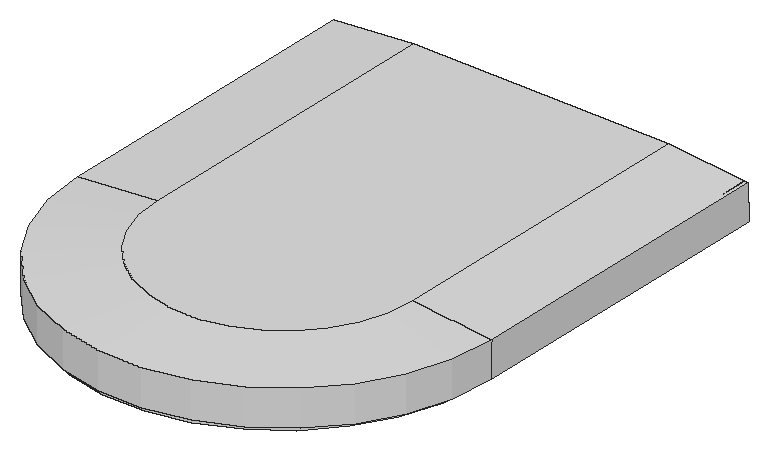
Revit family "Sanitary_Toilets_hansgrohe_22468CHN-MitaPura-Original-S-WC-Seat-Cover_SoftClose_QuickRelease", category Plumbing Fixtures, host Face, Revit 2022
Family settings
  Host = Face
  Round Connector Dimension = Use Diameter
  Part Type = Normal
  OmniClass Number = 23.31.19.19.17
  OmniClass Title = Water Closet Seats
  Cut with Voids When Loaded = Yes
  Maintain Annotation Orientation = No
  Shared = No
  Room Calculation Point = No
Parameters (values of type "007 White")
  Version = 1  # constant formula
  URL = "https://www.hansgrohe.com/"
  Product data url = "https://bimobject.com/hansgrohe/product/22468CHN"
  Product Page URL = "https://www.hansgrohe.com/articledetail--22468CHN"
  Model = "22468CHN"  # constant formula
  Material 1 = Hansgrohe - Plastic - White
  Manufacturer = "Hansgrohe"  # constant formula
  Description = "MitaPura Original S WC seat and cover elongated with SoftClose and QuickRelease"  # constant formula
  Default Elevation = 0 mm
  Date Updated = ""
  Date Created = "2025/04/03"  # constant formula
Reference planes
  plane 1 "Center (Front/Back)": y = 0
  plane 2: z = 0
  plane 3 "Center (Left/Right)": x = 0
  plane 4: x = -84.489
  plane 5: x = 84.489
Lines and regions (mm)
  Masking region 1
    outline origin (0, -247.176, 0) x (1, 0, 0) y (0, 1, 0)
      loop
        line (-182.137, 247.176) -> (-182.137, -52.824)
        arc (-182.137, -52.824) -> (-120.921, -167.892) -> (0, -216.534) r 190.202
        arc (0, -216.534) -> (120.921, -167.892) -> (182.137, -52.824) r 190.202
        line (182.137, -52.824) -> (182.137, 247.176) -> (105.489, 247.176)
        arc (105.489, 247.176) -> (84.489, 268.176) -> (63.489, 247.176) r 21
        line (63.489, 247.176) -> (-63.489, 247.176)
        arc (-63.489, 247.176) -> (-84.489, 268.176) -> (-105.489, 247.176) r 21
        line (-105.489, 247.176) -> (-182.137, 247.176)
  Masking region 2
    outline origin (0, -247.176, 0) x (0, 1, 0) y (0, 0, 1)
      loop
        line (247.176, 41.833) -> (-146.783, 41.833)
        arc (-146.783, 41.833) -> (-180.315, 39.574) -> (-213.767, 36.339) r 1152.618
        arc (-213.767, 36.339) -> (-215.741, 35.321) -> (-216.534, 33.247) r 3.111
        line (-216.534, 33.247) -> (-216.534, 0) -> (268.176, 0) -> (268.176, 4.7) -> (247.176, 4.7) -> (247.176, 41.833)
  Masking region 3
    outline origin (0, 0, 0) x (1, 0, 0) y (0, 0, 1)
      loop
        line (0, 41.833) -> (-112.445, 41.833) -> (-179.657, 35.938)
        arc (-179.657, 35.938) -> (-181.423, 35.066) -> (-182.137, 33.231) r 2.717
        line (-182.137, 33.231) -> (-182.137, 4.7) -> (-174.819, 4.7) -> (-174.819, 0) -> (0, 0) -> (174.819, 0) -> (174.819, 4.7) -> (182.137, 4.7) -> (182.137, 33.231)
        arc (182.137, 33.231) -> (181.423, 35.066) -> (179.657, 35.938) r 2.717
        line (179.657, 35.938) -> (112.445, 41.833) -> (0, 41.833)
  symbolic lines, detail levels fine
    curve 1: line (-105.489, 0, 0) -> (-63.489, 0, 0)
    curve 2: line (63.489, 0, 0) -> (105.489, 0, 0)
    curve 5: line (0, -35.83, 4.7) -> (0, -35.83, 0)
    curve 6: line (0, -21, 4.7) -> (0, -21, 0)
  symbolic lines, detail levels medium+fine
    curve 3: line (0, -21, 4.7) -> (0, 0, 4.7)
    curve 4: line (0, -21, 4.7) -> (0, -463.71, 4.7)
    curve 7: line (-174.819, 0, 4.7) -> (174.819, 0, 4.7)
Dimensions and locks
  aligned and locked: plane 2 to host face
  aligned and locked: level to host face
Nested families
  nested 1: "Family1" at (0, 0, 0), Material 1 <- "Material 1", type "Family1"
    with Material 1 Hansgrohe - Plastic - White
Definition of nested family "Family1"
  Parameters (values of type "Family1")
    Material 1 [instance] = none
    Default Elevation = 0 mm
  Reference planes
    plane 1 "Center (Front/Back)": y = 0
    plane 2: z = 0
    plane 3 "Center (Left/Right)": x = 0
  Forms (mm)
    Extrusion 1, solid, material <- "Material 1", detail levels medium+fine
      sketch origin (0, -247.176, -4.445) x (1, 0, 0) y (0, 1, 0)
        loop
          line (-182.137, 247.176) -> (-182.137, -34.397)
          arc (-182.137, -34.397) -> (0, -216.534) -> (182.137, -34.397) r 182.137
          line (182.137, -34.397) -> (182.137, 247.176) -> (-182.137, 247.176)
      from 9.145 to 46.278
    Extrusion 2, void
      sketch origin (0, -247.176, -4.445) x (1, 0, 0) y (0, 1, 0)
        loop
          line (-178.637, 247.176) -> (-178.637, -34.395)
          arc (-178.637, -34.395) -> (0, -213.032) -> (178.637, -34.395) r 178.637
          line (178.637, -34.395) -> (178.637, 247.176) -> (-178.637, 247.176)
      from 0 to 31.752
    Sweep 3, void
      path in 3D
        loop
          line (-182.137, 0, 41.833) -> (-182.137, -281.573, 41.833)
          arc (-182.137, -281.573, 41.833) -> (0, -463.71, 41.833) -> (182.137, -281.573, 41.833) r 182.137
          line (182.137, -281.573, 41.833) -> (182.137, 0, 41.833)
      profile origin (182.137, -140.787, 41.833) x (-1, 0, 0) y (0, 0, 1)
        loop
          line (69.691, 0) -> (69.691, 17.672) -> (-9.31, 17.672) -> (-9.31, -6.912)
          arc (-9.31, -6.912) -> (30.13, -2.763) -> (69.691, 0) r 1130.379
    Extrusion 4, solid, material <- "Material 1", detail levels fine
      sketch origin (0, -247.176, -4.445) x (0, 1, 0) y (0, 0, 1)
        loop
          line (245.943, 40.472) -> (220.935, 40.472) -> (220.935, 24.991)
          arc (220.935, 24.991) -> (235.186, 10.903) -> (247.939, 26.361) r 13.574
          line (247.939, 26.361) -> (245.943, 40.472)
      from -178.637 to 178.637
    Extrusion 5, void
      sketch origin (0, -247.176, -4.445) x (0, 1, 0) y (0, 0, 1)
        loop
          line (243.615, 31.752) -> (220.935, 31.752) -> (220.935, 24.991)
          arc (220.935, 24.991) -> (228.756, 12.16) -> (243.615, 14.402) r 13.574
          line (243.615, 14.402) -> (243.615, 31.752)
      from -63.2 to 63.211
    Extrusion 6, solid, detail levels fine
      sketch origin (0, -247.176, -4.445) x (1, 0, 0) y (0, 1, 0)
        loop
          circle (-84.489, 247.176) r 21
        loop
          circle (84.489, 247.176) r 21
      from 4.445 to 8.945
    Extrusion 7, void
      sketch origin (0, -248.27, 0) x (-1, 0, 0) y (0, -1, 0)
        loop
          circle (-84.489, -247.176) r 3
        loop
          circle (84.489, -247.176) r 3
      from 0 to 250
    Extrusion 8, solid, detail levels fine
      sketch origin (0, -314.19, 0) x (1, 0, 0) y (0, 1, 0)
        loop
          circle (-84.489, 312.176) r 3
        loop
          circle (84.489, 312.176) r 3
      from 0 to 27.307
    Extrusion 9, solid, material <- "Material 1", detail levels medium+fine
      sketch origin (-779.416, -255.83, 0) x (1, 0, 0) y (0, 1, 0)
        loop
          line (604.597, 220) -> (604.597, -29.221)
          arc (604.597, -29.221) -> (779.416, -204.041) -> (954.235, -29.221) r 174.819
          line (954.235, -29.221) -> (954.235, 220) -> (842.627, 220) -> (842.627, 252.269) -> (716.216, 252.269) -> (716.216, 220) -> (604.597, 220)
        loop
          line (675.809, 61.127) -> (675.809, -37.062)
          arc (675.809, -37.062) -> (779.416, -140.669) -> (883.022, -37.062) r 103.607
          line (883.022, -37.062) -> (883.022, 61.127)
          arc (883.022, 61.127) -> (779.416, 164.733) -> (675.809, 61.127) r 103.607
      from 0 to 34.988
    Extrusion 10, void
      sketch origin (-779.416, 404.17, 0) x (0, 1, 0) y (0, 0, 1)
        loop
          line (-392.184, 40.245) -> (-392.184, 58.055) -> (-867.184, 58.055) -> (-867.184, 23.055) -> (-608.943, 23.055)
          arc (-608.943, 23.055) -> (-532.327, 25.396) -> (-455.997, 32.41) r 1255
          line (-455.997, 32.41) -> (-392.184, 40.245)
      from 515.558 to 1036.598
    Extrusion 11, void
      sketch origin (-779.416, 404.17, 0) x (1, 0, 0) y (0, 1, 0)
        loop
          line (609.597, -445) -> (609.597, -689.221)
          arc (609.597, -689.221) -> (779.416, -859.041) -> (949.235, -689.221) r 169.819
          line (949.235, -689.221) -> (949.235, -445) -> (609.597, -445)
        loop
          line (888.022, -697.062) -> (888.022, -598.873)
          arc (888.022, -598.873) -> (779.416, -490.267) -> (670.809, -598.873) r 108.607
          line (670.809, -598.873) -> (670.809, -697.062)
          arc (670.809, -697.062) -> (779.416, -805.669) -> (888.022, -697.062) r 108.607
      from -33.656 to 16.615
    Extrusion 12, solid, material <- "Material 1", detail levels medium
      sketch origin (0, -247.176, -4.445) x (0, 1, 0) y (0, 0, 1)
        loop
          line (245.943, 40.472) -> (220.935, 40.472) -> (220.935, 24.991)
          arc (220.935, 24.991) -> (235.186, 10.903) -> (247.939, 26.361) r 13.574
          line (247.939, 26.361) -> (245.943, 40.472)
      from -178.637 to 178.637
    Extrusion 13, solid, material <- "Material 1", detail levels coarse
      sketch origin (0, -247.176, -4.445) x (1, 0, 0) y (0, 1, 0)
        loop
          line (-182.137, 247.176) -> (-182.137, -34.397)
          arc (-182.137, -34.397) -> (0, -216.534) -> (182.137, -34.397) r 182.137
          line (182.137, -34.397) -> (182.137, 247.176) -> (-182.137, 247.176)
      from 4.445 to 46.278
  Cuts and joins
    Extrusion 2, Sweep 3 cuts Extrusion 1
    Extrusion 5, Extrusion 7 cuts Extrusion 4
    Extrusion 2 cuts Extrusion 13
    Extrusion 10, Extrusion 11 cuts Extrusion 9
  Lines and regions (mm)
    sketch lines
      curve 1: line (182.137, -281.573, 41.833) -> (182.137, 0, 41.833)
      curve 2: line (-182.137, 0, 41.833) -> (-182.137, -281.573, 41.833)
      curve 3: arc (182.137, -281.573, 41.833) -> (0, -463.71, 41.833) -> (-182.137, -281.573, 41.833) r 182.137
  Dimensions and locks
    aligned and locked: level to plane 2
